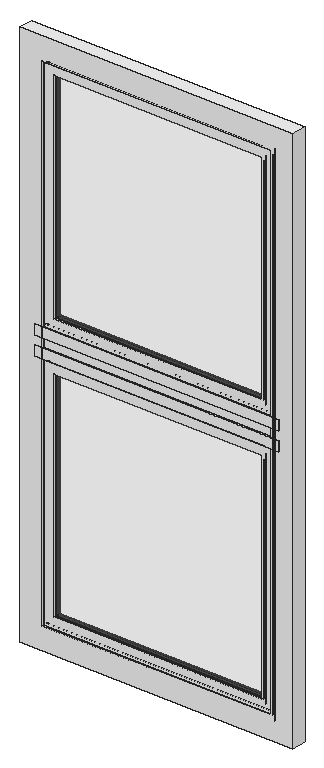
Revit family
Parameters (values of type "TH-PTT0612")
  Height = 1190 mm
  Head Height = 2125 mm
  Default Sill Height = Head Height - Height  # 935 mm
  Wall Closure = (empty or 0)
  Width = 590 mm
Types (3, lengths in mm): name | Width
  (no name) | 590
  TH-PTT0612 | 590
  TH-PTT0912 | 890
Reference planes
  plane 1 "Center (Front/Back)": y = 0
  plane 2 "Center (Left/Right)": x = 0
  plane 3 "Left": x = -295
  plane 4 "Right": x = 295
  plane 5 "Sill": z = 935
  plane 6 "Head": z = 2125
  plane 7 "Exterior": y = 100
  plane 8 "Interior": y = -100
  plane 9: y = -30.5
  plane 10: x = 0
  plane 11: z = 1530
Forms (mm)
  Sweep 1, solid, material "Default Frame"
    path origin (0, 100, 0) x (1, 0, 0) y (0, 0, 1)
      loop
        line (295, 2125) -> (-295, 2125) -> (-295, 935) -> (295, 935) -> (295, 2125)
    profile origin (0, 100, 2125) x (0, 0, -1) y (0, -1, 0)
      loop
        line (0, 115.25) -> (0, 84.75) -> (30.58, 84.75) -> (30.58, 87.464) -> (28.08, 86.021) -> (28.08, 113.85) -> (39.575, 113.85) -> (39.575, 111.85) -> (46.275, 111.85)
        arc (46.275, 111.85) -> (46.875, 111.25) -> (47.475, 111.85) r 0.6
        line (47.475, 111.85) -> (47.475, 115.25) -> (0, 115.25)
  Sweep 2, solid, material "Default Frame"
    path origin (-50, -100, -50) x (1, 0, 0) y (0, 0, -1)
      loop
        line (295, -2125) -> (295, -1613.36) -> (-195, -1613.36) -> (-195, -2125) -> (295, -2125)
    profile origin (0, -100, 2075) x (0, 0, 1) y (0, 1, 0)
      loop
        line (-2.36, 95.735) -> (-1.858, 90.997)
        arc (-1.858, 90.997) -> (-1.541, 90.736) -> (-1.26, 91.035) r 0.3
        line (-1.26, 91.035) -> (-1.26, 117.263) -> (-3.26, 116.536) -> (-3.26, 118.735) -> (-4.719, 118.735) -> (-17.687, 105.637) -> (-17.687, 104.637) -> (-5.88, 104.637) -> (-5.88, 105.637) -> (-2.36, 105.637) -> (-2.36, 95.735)
  Extrusion 3, solid, material "Glass"
    sketch origin (0, 0.5, 49.432) x (1, 0, 0) y (0, 0, 1)
      loop
        line (239.12, 2019.688) -> (-239.12, 2019.688) -> (-239.12, 1519.808) -> (239.12, 1519.808) -> (239.12, 2019.688)
    from 0 to 3
  Sweep 4, solid, material "Default Frame"
    path origin (-50, -100, -50) x (1, 0, 0) y (0, 0, -1)
      loop
        line (295, -2125) -> (295, -1613.4) -> (-195, -1613.4) -> (-195, -2125) -> (295, -2125)
    profile origin (0, -100, 2075) x (0, 0, 1) y (0, 1, 0)
      loop
        line (10.425, 88.75) -> (10.425, 91.464) -> (7.92, 90.018) -> (7.92, 117.85) -> (19.42, 117.85) -> (19.42, 115.85) -> (26.12, 115.85)
        arc (26.12, 115.85) -> (26.72, 115.25) -> (27.32, 115.85) r 0.6
        line (27.32, 115.85) -> (27.32, 119.25) -> (-3.26, 119.25) -> (-3.26, 116.536) -> (-0.76, 117.979) -> (-0.76, 90.15) -> (-12.255, 90.15) -> (-12.255, 92.15) -> (-18.955, 92.15)
        arc (-18.955, 92.15) -> (-19.555, 92.75) -> (-20.155, 92.15) r 0.6
        line (-20.155, 92.15) -> (-20.155, 88.75) -> (10.425, 88.75)
  Sweep 5, solid, material "Rubber seal"
    path origin (-50, -100, -50) x (1, 0, 0) y (0, 0, -1)
      loop
        line (295, -2125) -> (295, -1613.36) -> (-195, -1613.36) -> (-195, -2125) -> (295, -2125)
    profile origin (0, -100, 2075) x (0, 0, 1) y (0, 1, 0)
      loop
        line (-18.698, 104.637) -> (-22.835, 100.5) -> (-12.329, 100.5) -> (-12.329, 104.637) -> (-18.698, 104.637)
      loop
        line (-22.835, 97.5) -> (-19.555, 92.75) -> (-12.329, 92.75) -> (-12.329, 97.5) -> (-22.835, 97.5)
  Sweep 6, solid, material "Default Frame"
    path origin (-3.74, -100, -635.42) x (1, 0, 0) y (0, 0, -1)
      loop
        line (295, -2178.26) -> (295, -1574.16) -> (-287.52, -1574.16) -> (-287.52, -2178.26) -> (295, -2178.26)
    profile origin (0, -100, 1542.84) x (0, 0, 1) y (0, 1, 0)
      loop
        line (-48.62, 95.735) -> (-48.118, 90.997)
        arc (-48.118, 90.997) -> (-47.801, 90.736) -> (-47.52, 91.035) r 0.3
        line (-47.52, 91.035) -> (-47.52, 117.263) -> (-49.52, 116.536) -> (-49.52, 118.735) -> (-50.979, 118.735) -> (-63.947, 105.637) -> (-63.947, 104.637) -> (-52.14, 104.637) -> (-52.14, 105.637) -> (-48.62, 105.637) -> (-48.62, 95.735)
  Extrusion 7, solid, material "Glass"
    sketch origin (0, 0.5, -588.592) x (1, 0, 0) y (0, 0, 1)
      loop
        line (239.12, 2078.591) -> (-239.12, 2078.591) -> (-239.12, 1579.472) -> (239.12, 1579.472) -> (239.12, 2078.591)
    from 0 to 3
  Sweep 8, solid, material "Default Frame"
    path origin (-15.42, -100, -646.38) x (1, 0, 0) y (0, 0, -1)
      loop
        line (295, -2177.58) -> (295, -1596.8) -> (-264.2, -1596.8) -> (-264.2, -2177.58) -> (295, -2177.58)
    profile origin (-0.02, -100, 1531.2) x (0, 0, 1) y (0, 1, 0)
      loop
        line (-24.155, 88.75) -> (-24.155, 91.464) -> (-26.66, 90.018) -> (-26.66, 117.85) -> (-15.16, 117.85) -> (-15.16, 115.85) -> (-8.46, 115.85)
        arc (-8.46, 115.85) -> (-7.86, 115.25) -> (-7.26, 115.85) r 0.6
        line (-7.26, 115.85) -> (-7.26, 119.25) -> (-37.84, 119.25) -> (-37.84, 116.536) -> (-35.34, 117.979) -> (-35.34, 90.15) -> (-46.835, 90.15) -> (-46.835, 92.15) -> (-53.535, 92.15)
        arc (-53.535, 92.15) -> (-54.135, 92.75) -> (-54.735, 92.15) r 0.6
        line (-54.735, 92.15) -> (-54.735, 88.75) -> (-24.155, 88.75)
  Sweep 9, solid, material "Rubber seal"
    path origin (4.382, -100, -643.542) x (1, 0, 0) y (0, 0, -1)
      loop
        line (295, -2194.582) -> (295, -1574.16) -> (-303.842, -1574.16) -> (-303.842, -2194.582) -> (295, -2194.582)
    profile origin (-0.039, -100, 1551.04) x (0, 0, 1) y (0, 1, 0)
      loop
        line (-73.081, 104.637) -> (-77.218, 100.5) -> (-66.711, 100.5) -> (-66.711, 104.637) -> (-73.081, 104.637)
      loop
        line (-77.218, 97.5) -> (-73.937, 92.75) -> (-66.711, 92.75) -> (-66.711, 97.5) -> (-77.218, 97.5)
  Sweep 10, solid, material "Default Frame"
    path origin (0, 100, -590) x (1, 0, 0) y (0, 0, 1)
      loop
        line (264.42, 2145) -> (-264.42, 2145)
    profile origin (0, 100, 1555) x (0, 0, -1) y (0, -1, 0)
      loop
        line (-5.9, 115.25) -> (-5.9, 111.85)
        arc (-5.9, 111.85) -> (-5.3, 111.25) -> (-4.7, 111.85) r 0.6
        line (-4.7, 111.85) -> (2, 111.85) -> (2, 113.85) -> (13.5, 113.85) -> (13.5, 86.026) -> (11, 87.47) -> (11, 84.75) -> (39, 84.75) -> (39, 87.47) -> (36.5, 86.026) -> (36.5, 113.85) -> (48, 113.85) -> (48, 111.85) -> (54.7, 111.85)
        arc (54.7, 111.85) -> (55.3, 111.25) -> (55.9, 111.85) r 0.6
        line (55.9, 111.85) -> (55.9, 115.25) -> (34.5, 115.25) -> (34.5, 111.07) -> (15.5, 111.07) -> (15.5, 115.25) -> (-5.9, 115.25)
Lines and regions (mm)
  Opening 1
    outline origin (3500, -100, 0) x (1, 0, 0) y (0, 0, 1)
      loop
        line (-3205, 935) -> (-3205, 2125) -> (-3795, 2125) -> (-3795, 935) -> (-3205, 935)
  symbolic lines, style "Elevation Swing"
    curve 1: line (272.32, 19.25, 2102.32) -> (0, 19.25, 1536.08)
    curve 2: line (0, 19.25, 1536.08) -> (-272.355, 19.25, 2102.355)
    curve 3: line (272.337, 19.25, 1523.957) -> (0, 19.25, 957.68)
    curve 4: line (0, 19.25, 957.68) -> (-272.377, 19.25, 1523.957)
Text (mm)
  text "EXTERIOR" at (-1963.203, 1332.353, 0), in view "Ref. Level"
  text "INTERIOR" at (-1981.466, -818.386, 0), in view "Ref. Level"
  text "Exterior" at (0, 923.751, 2943.296), in view "Right"
  text "Exterior" at (0, 1040.484, 2685.409), in view "Left"
Dimensions and locks
  equal spacing: plane 3 "Left", plane 2 "Center (Left/Right)", plane 4 "Right"
  "Width": plane 3 "Left" to plane 4 "Right"
  "Height": plane 5 "Sill" to plane 6 "Head"
  "Default Sill Height": plane 5 "Sill" to level
  locked: plane 7 "Exterior" to host wall at 0
  locked: plane 8 "Interior" to host wall
  Extrusion 3 sketch curve to Sweep 4 = 2.62 mm  (x3)
  Sweep 4 to Extrusion 3 sketch curve = 2.58 mm
  equal spacing: plane 3 "Left", plane 10, plane 4 "Right"
  equal spacing: plane 5 "Sill", plane 11, plane 6 "Head"
  Sweep 6 sketch curve to Sweep 8 = 18.94 mm
  Sweep 9 sketch curve to Sweep 8 = 27.062 mm
  Extrusion 7 sketch curve to Sweep 8 = 3.36 mm
  Extrusion 7 sketch curve to Sweep 8 = 2.66 mm
  Extrusion 7 sketch curve to Sweep 8 = 2.62 mm
  Sweep 8 to Extrusion 7 sketch curve = 2.62 mm
  locked: Sweep 2 sketch curve to Sweep 4 at 3.3
  Sweep 5 sketch curve to Sweep 4 = 3.3 mm
  Sweep 10 to Sweep 8 sketch curve = 15.2 mm
  Sweep 1 to Sweep 8 sketch curve = 15.2 mm
  Sweep 8 to Sweep 6 sketch curve = 18.9 mm  (x2)
  Sweep 8 to Sweep 9 sketch curve = 27.1 mm
  Sweep 9 sketch curve to Sweep 8 = 27.1 mm
  Sweep 10 to Sweep 4 sketch curve = 19.4 mm
  aligned and locked: plane 10 to curve 2
  aligned and locked: plane 2 "Center (Left/Right)" to curve 4
Automatic sketch dimensions
  Opening 1 sketch curve to plane 3 "Left" = 0 mm
  Opening 1 sketch curve to plane 4 "Right" = 0 mm
  Opening 1 sketch curve to plane 5 "Sill" = 0 mm
  Opening 1 sketch curve to plane 6 "Head" = 0 mm
  Sweep 1 sketch curve to plane 3 "Left" = 0 mm
  Sweep 1 sketch curve to plane 4 "Right" = 0 mm
  Sweep 1 sketch curve to plane 5 "Sill" = 0 mm
  Sweep 1 sketch curve to plane 6 "Head" = 0 mm
  Sweep 1 sketch curve to profile plane = 0 mm
  Sweep 1 sketch curve to profile plane = 28.08 mm
  Sweep 1 sketch curve to Sweep 1 sketch curve = 2.5 mm
  Sweep 1 sketch curve to Sweep 1 sketch curve = 11.495 mm
  Sweep 1 sketch curve to Sweep 1 sketch curve = 6.7 mm
  Sweep 1 sketch curve to Sweep 1 sketch curve = 0.6 mm
  profile plane to Sweep 1 sketch curve = 84.75 mm
  Sweep 1 sketch curve to Sweep 1 sketch curve = 1.271 mm
  Sweep 1 sketch curve to Sweep 1 sketch curve = 2.714 mm
  Sweep 1 sketch curve to Sweep 1 sketch curve = 24.386 mm
  Sweep 1 sketch curve to Sweep 1 sketch curve = 2 mm
  Sweep 1 sketch curve to Sweep 1 sketch curve = 3.4 mm
  Sweep 2 sketch curve to plane 3 "Left" = 50 mm
  plane 4 "Right" to Sweep 2 sketch curve = 50 mm
  plane 6 "Head" to Sweep 2 sketch curve = 50 mm
  profile plane to Sweep 2 sketch curve = 17.687 mm
  profile plane to Sweep 2 sketch curve = 5.88 mm
  profile plane to Sweep 2 sketch curve = 4.719 mm
  Sweep 2 sketch curve to Sweep 2 sketch curve = 1.459 mm
  profile plane to Sweep 2 sketch curve = 2.36 mm
  profile plane to Sweep 2 sketch curve = 1.858 mm
  Sweep 2 sketch curve to Sweep 2 sketch curve = 0.298 mm
  Sweep 2 sketch curve to Sweep 2 sketch curve = 0.3 mm
  profile plane to Sweep 2 sketch curve = 90.997 mm
  Sweep 2 sketch curve to Sweep 2 sketch curve = 4.738 mm
  Sweep 2 sketch curve to Sweep 2 sketch curve = 8.902 mm
  Sweep 2 sketch curve to Sweep 2 sketch curve = 1 mm  (x2)
  Sweep 2 sketch curve to Sweep 2 sketch curve = 10.899 mm
  Sweep 2 sketch curve to Sweep 2 sketch curve = 0.728 mm
  Sweep 2 sketch curve to Sweep 2 sketch curve = 2.2 mm
  Sweep 4 sketch curve to plane 3 "Left" = 50 mm
  plane 4 "Right" to Sweep 4 sketch curve = 50 mm
  plane 6 "Head" to Sweep 4 sketch curve = 50 mm
  profile plane to Sweep 4 sketch curve = 20.155 mm
  Sweep 4 sketch curve to Sweep 4 sketch curve = 0.6 mm  (x2)
  Sweep 4 sketch curve to Sweep 4 sketch curve = 6.7 mm  (x2)
  profile plane to Sweep 4 sketch curve = 3.26 mm
  profile plane to Sweep 4 sketch curve = 0.76 mm
  Sweep 4 sketch curve to profile plane = 7.92 mm
  Sweep 4 sketch curve to Sweep 4 sketch curve = 2.505 mm
  Sweep 4 sketch curve to Sweep 4 sketch curve = 11.5 mm
  profile plane to Sweep 4 sketch curve = 88.75 mm
  Sweep 4 sketch curve to Sweep 4 sketch curve = 1.268 mm
  Sweep 4 sketch curve to Sweep 4 sketch curve = 1.4 mm
  Sweep 4 sketch curve to Sweep 4 sketch curve = 2.714 mm  (x2)
  Sweep 4 sketch curve to Sweep 4 sketch curve = 3.4 mm
  Sweep 4 sketch curve to Sweep 4 sketch curve = 24.386 mm
  Sweep 4 sketch curve to Sweep 4 sketch curve = 0.686 mm
  Sweep 4 sketch curve to Sweep 4 sketch curve = 2 mm
  Sweep 4 sketch curve to Sweep 4 sketch curve = 1.443 mm
  Sweep 5 sketch curve to plane 3 "Left" = 50 mm
  plane 4 "Right" to Sweep 5 sketch curve = 50 mm
  plane 6 "Head" to Sweep 5 sketch curve = 50 mm
  profile plane to Sweep 5 sketch curve = 22.835 mm
  Sweep 5 sketch curve to Sweep 5 sketch curve = 0 mm
  Sweep 5 sketch curve to Sweep 5 sketch curve = 3.28 mm
  Sweep 5 sketch curve to Sweep 5 sketch curve = 4.137 mm  (x2)
  Sweep 5 sketch curve to Sweep 5 sketch curve = 6.37 mm
  Sweep 5 sketch curve to Sweep 5 sketch curve = 7.226 mm
  profile plane to Sweep 5 sketch curve = 92.75 mm
  Sweep 5 sketch curve to Sweep 5 sketch curve = 4.75 mm
  Sweep 5 sketch curve to Sweep 5 sketch curve = 3 mm
  plane 4 "Right" to Sweep 6 sketch curve = 3.74 mm
  profile plane to Sweep 6 sketch curve = 63.947 mm
  Sweep 6 sketch curve to Sweep 6 sketch curve = 11.806 mm
  Sweep 6 sketch curve to Sweep 6 sketch curve = 1.161 mm
  Sweep 6 sketch curve to Sweep 6 sketch curve = 1.459 mm
  Sweep 6 sketch curve to Sweep 6 sketch curve = 3.52 mm
  Sweep 6 sketch curve to Sweep 6 sketch curve = 0.502 mm
  Sweep 6 sketch curve to Sweep 6 sketch curve = 0.298 mm
  Sweep 6 sketch curve to Sweep 6 sketch curve = 0.3 mm
  profile plane to Sweep 6 sketch curve = 90.997 mm
  Sweep 6 sketch curve to Sweep 6 sketch curve = 4.738 mm
  Sweep 6 sketch curve to Sweep 6 sketch curve = 8.902 mm
  Sweep 6 sketch curve to Sweep 6 sketch curve = 1 mm  (x2)
  Sweep 6 sketch curve to Sweep 6 sketch curve = 10.899 mm
  Sweep 6 sketch curve to Sweep 6 sketch curve = 0.728 mm
  Sweep 6 sketch curve to Sweep 6 sketch curve = 2.2 mm
  Sweep 8 sketch curve to plane 5 "Sill" = 15.42 mm
  plane 4 "Right" to Sweep 8 sketch curve = 15.42 mm
  profile plane to Sweep 8 sketch curve = 54.735 mm
  Sweep 8 sketch curve to Sweep 8 sketch curve = 0.6 mm  (x2)
  Sweep 8 sketch curve to Sweep 8 sketch curve = 6.7 mm  (x2)
  Sweep 8 sketch curve to Sweep 8 sketch curve = 8.995 mm
  Sweep 8 sketch curve to Sweep 8 sketch curve = 2.5 mm
  Sweep 8 sketch curve to Sweep 8 sketch curve = 8.68 mm
  Sweep 8 sketch curve to Sweep 8 sketch curve = 2.505 mm
  Sweep 8 sketch curve to Sweep 8 sketch curve = 11.5 mm
  profile plane to Sweep 8 sketch curve = 88.75 mm
  Sweep 8 sketch curve to Sweep 8 sketch curve = 1.268 mm
  Sweep 8 sketch curve to Sweep 8 sketch curve = 1.4 mm
  Sweep 8 sketch curve to Sweep 8 sketch curve = 2.714 mm  (x2)
  Sweep 8 sketch curve to Sweep 8 sketch curve = 3.4 mm
  Sweep 8 sketch curve to Sweep 8 sketch curve = 24.386 mm
  Sweep 8 sketch curve to Sweep 8 sketch curve = 0.686 mm
  Sweep 8 sketch curve to Sweep 8 sketch curve = 2 mm
  Sweep 8 sketch curve to Sweep 8 sketch curve = 1.443 mm
  Sweep 9 sketch curve to plane 4 "Right" = 4.382 mm
  profile plane to Sweep 9 sketch curve = 77.218 mm
  Sweep 9 sketch curve to Sweep 9 sketch curve = 0 mm
  Sweep 9 sketch curve to Sweep 9 sketch curve = 3.28 mm
  Sweep 9 sketch curve to Sweep 9 sketch curve = 4.137 mm  (x2)
  Sweep 9 sketch curve to Sweep 9 sketch curve = 6.37 mm
  Sweep 9 sketch curve to Sweep 9 sketch curve = 7.226 mm
  profile plane to Sweep 9 sketch curve = 92.75 mm
  Sweep 9 sketch curve to Sweep 9 sketch curve = 4.75 mm
  Sweep 9 sketch curve to Sweep 9 sketch curve = 3 mm
  plane 11 to Sweep 10 sketch curve = 25 mm
  Sweep 10 sketch curve to plane 3 "Left" = 30.58 mm
  plane 4 "Right" to Sweep 10 sketch curve = 30.58 mm
  profile plane to Sweep 10 sketch curve = 5.9 mm
  Sweep 10 sketch curve to Sweep 10 sketch curve = 0.6 mm  (x2)
  Sweep 10 sketch curve to profile plane = 2 mm
  Sweep 10 sketch curve to profile plane = 11 mm
  Sweep 10 sketch curve to Sweep 10 sketch curve = 2.5 mm  (x2)
  Sweep 10 sketch curve to Sweep 10 sketch curve = 2 mm  (x4)
  Sweep 10 sketch curve to Sweep 10 sketch curve = 19 mm
  Sweep 10 sketch curve to Sweep 10 sketch curve = 11.5 mm
  Sweep 10 sketch curve to Sweep 10 sketch curve = 6.7 mm
  profile plane to Sweep 10 sketch curve = 84.75 mm
  Sweep 10 sketch curve to Sweep 10 sketch curve = 1.276 mm  (x2)
  Sweep 10 sketch curve to Sweep 10 sketch curve = 2.72 mm  (x2)
  Sweep 10 sketch curve to Sweep 10 sketch curve = 23.6 mm
  Sweep 10 sketch curve to Sweep 10 sketch curve = 0.78 mm  (x2)
  Sweep 10 sketch curve to Sweep 10 sketch curve = 3.4 mm  (x2)
  curve 1 to Sweep 4 = 0 mm  (x2)
  curve 2 to Sweep 4 = 0 mm
  curve 3 to Sweep 4 = 0.017 mm
  curve 2 to Sweep 4 = 0.035 mm
  curve 4 to Sweep 4 = 0.057 mm
  curve 4 to Sweep 4 = 12.123 mm
  curve 3 to Sweep 4 = 12.123 mm
  curve 4 to Sweep 4 = 578.4 mm
  Sweep 4 to curve 2 = 0.035 mm
